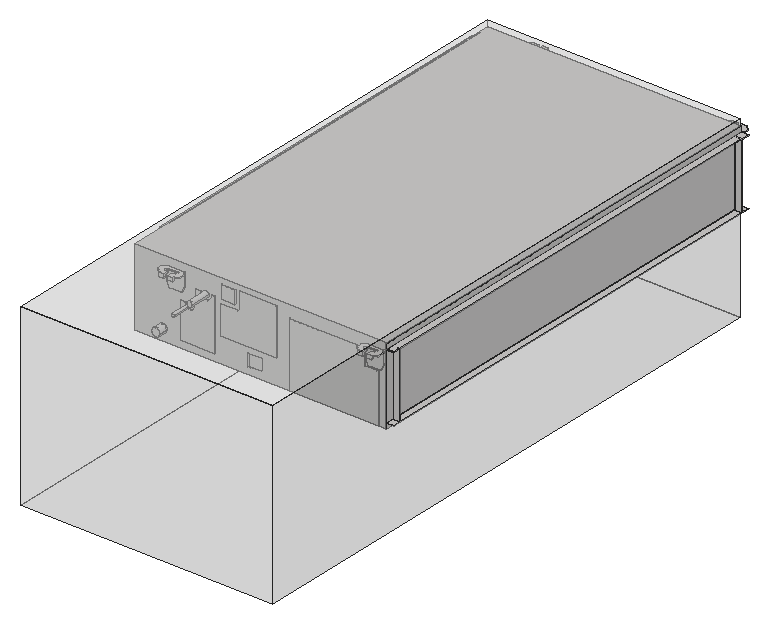
Revit family "outputfile", category 機械設備, Revit 2024
Family settings
  丸型コネクタ寸法 = 半径を使用
  パーツ タイプ = 標準
  OmniClass 番号 = 23.75.10.24.21.27.27
  OmniClass タイトル = Split System Air Conditioning Units
  作業面ベース = いいえ
  常に垂直 = はい
  ロード時にボイドで切り取り = いいえ
  注釈の向きを維持 = いいえ
  共有 = いいえ
  部屋計算ポイント = はい
Parameters (values of type "FBFC100DVMG")
  Description = ""
  製造元 = "Daikin"
  書き出し IFC クラス(タイプ) = "IfcUnitaryEquipmentType"
  定義済み IFC タイプ(タイプ) = "AIRCONDITIONINGUNIT"
  Cost = 0
  モデル = "FBFC100DVMG"
  Type Comments = ""
  Keynote = ""
  Type Image = (empty or 0)
  Assembly Code = ""
  switch_frequency = yes
  r_Liquid Pipe Size = Liquid Pipe Size / 2  # 4.75 mm
  r_Gas Pipe Size = Gas Pipe Size / 2  # 7.95 mm
  r_Drain Pipe Size = Drain Pipe Size / 2  # 12.5 mm
  lw_power = 770.0 mm  # constant formula
  lh_SA = 138.0 mm  # constant formula
  lw_SA = if(Depth = 550.0 mm, 225.0 mm, if(Depth = 700.0 mm, 300.0 mm, if(Depth = 1000.0 mm, 450.0 mm, if(Depth = 1400.0 mm, 650.0 mm, 725.0 mm))))  # 650.0 mm
  lw_RA = if(Depth = 550.0 mm, 275.0 mm, if(Depth = 700.0 mm, 349.0 mm, if(Depth = 1000.0 mm, 499.0 mm, if(Depth = 1400.0 mm, 699.0 mm, 775.0 mm))))  # 699.0 mm
  lh_power = 60.0 mm + [h***]  # 60.0 mm
  lh_mountinghole1 = lh_mountinghole + [h***]  # 222.0 mm
  lh_RA = 123.0 mm  # constant formula
  ld_power = Depth / 2  # 700.0 mm
  connector_voltage = Voltage_50Hz  # 230 V
  connector_powerinput = [Power Input (Cooling)]  # 0.000 kW
  connector_phase = Phase_50Hz  # 1
  Voltage_comment_50Hz = "220 - 240"
  Voltage_50Hz = 230 V
  URL = ""
  Supply Air Direction [instance] = yes
  Sound Power Level_H speed (dB) = 0
  Phase_50Hz = 1
  Minimum External Static Pressure = 50.00 Pa
  Minimum Circuit Amps_50Hz = 0.0 A
  Maximum Fuse Amps_50Hz = 0.0 A
  Maximum External Static Pressure = 150.00 Pa
  Material_Casing = DAIKIN_GalvanizedSteel_Casing_indoorunit
  lw_mountinghole = 630.0 mm  # constant formula
  lh_gaspipe = 183.0 mm + [h***]  # 183.0 mm
  lh_mountinghole = 222.0 mm  # constant formula
  lh_liquidpipe = 136.0 mm + [h***]  # 136.0 mm
  lh_drainpipe = 38.0 mm + [h***]  # 38.0 mm
  lh_antena = Height - lh_mountinghole + 1.0 mm  # 24.0 mm
  ld_drainpipe = Depth / 2 + 26.0 mm  # 726.0 mm
  ld_liquidpipe = Depth / 2 + 69.0 mm  # 769.0 mm
  ld_gaspipe = Depth / 2 + 65.0 mm  # 765.0 mm
  ld_mountinghole = Depth + 38.0 mm  # 1438.0 mm
  h*** = 0.0 mm  # constant formula
  lw_liquidpipe = 179.0 mm  # constant formula
  lw_gaspipe = 229.0 mm  # constant formula
  lw_drainpipe = 91.0 mm  # constant formula
  Width = 800.0 mm
  Version = "ver.1.0"
  Unit Type = "M.S.P. Duct"
  Unit Mass Weight = 46.00 kg
  Unit Designation [instance] = ""
  Uniclass2015Version = "Products v1.30"
  Uniclass2015Title = "Split coil room air conditioning units"
  Uniclass2015Code = "Pr_70_65_03_86"
  Total Cooling Capacity [instance] = 0.000 kW
  Sound Pressure Level_M speed (dBA) = 37.5
  Sound Pressure Level_L speed (dBA) = 35
  Sound Pressure Level_H speed (dBA) = 40
  Series = "SkyAir_Fan Coil Unit"
  Sensible Cooling Capacity [instance] = 0.000 kW
  SA Duct Size Width = 1192.0 mm
  SA Duct Size Height = 176.0 mm
  Refrigerant Type = "R32"
  RA Duct Size Width = 1352.0 mm
  RA Duct Size Height = 208.0 mm
  Power Input (Cooling) = 0.000 kW
  Option Accessory 3 [instance] = ""
  Option Accessory 2 [instance] = ""
  Option Accessory 1 [instance] = ""
  Nominal Cooling Capacity = 10.000 kW
  Minimum Airflow = 1500.00 m³/h
  Median Airflow = 1830.00 m³/h
  Maximum Airflow = 2160.00 m³/h
  Load Classification = HVAC
  Liquid Pipe Size = 9.5 mm
  Link_Nested Family [instance] = ""
  IfcVersion = ""
  IfcExportType = "AIRCONDITIONINGUNIT"
  IfcExportAs = "IfcUnitaryEquipmentType"
  Height = 245.0 mm
  Heat Exchanger Type = "Cross Fin Coil"
  Gas Pipe Size = 15.9 mm
  Frequency_50Hz = 50 Hz
  Fan Type = "Sirocco Fan"
  Fan Drive = "Direct Drive"
  FCU Tag No. [instance] = ""
  Drain Pipe Size = 25.0 mm
  Design Supply Airflow [instance] = 0.00 m³/h
  Design Return Airflow [instance] = 0.00 m³/h
  Design External Static Pressure [instance] = 0.00 Pa
  Depth = 1400.0 mm
  既定の高さ = 0.0 mm
  Cooling Entering Wet Bulb Temperature [instance] = 0.00 °C
  Cooling Entering Dry Bulb Temperature [instance] = 0.00 °C
  Cooling Ambient Wet Bulb Temperature [instance] = 0.00 °C
  Cooling Ambient Dry Bulb Temperature [instance] = 0.00 °C
  Clearance visibility [instance] = yes
  Clearance Top = 20.0 mm
  Clearance Right = 0.0 mm
  Clearance Rear = 0.0 mm
  Clearance Left = 0.0 mm
  Clearance Front = 450.0 mm
  Clearance Bottom = 300.0 mm
Reference planes
  plane 1 "Center (Front/Back)": y = 0
  plane 2 "h": z = 0
  plane 3 "Center (Left/Right)": x = 0
  plane 4 "Back": y = 700
  plane 5 "Front": y = -700
  plane 6 "Left": x = -400
  plane 7 "Right": x = 400
  plane 8 "Top": z = 0
  plane 9 "Bottom": z = -245
  plane 10: y = -215
  plane 11: y = 700
  plane 12: y = -1150
  plane 13: x = -400
  plane 14: x = 400
  plane 15: z = 20
  plane 16: z = -545
  plane 17: x = -400
  plane 18: x = -399
  plane 19: x = 399
  plane 20: y = 50
  plane 21: y = -1
  plane 22: z = -122
  plane 23: y = -701
  plane 24: z = -109
  plane 25: x = -221
  plane 26: y = -765
  plane 27: z = -62
  plane 28: x = -171
  plane 29: y = -726
  plane 30: z = -207
  plane 31: x = -309
  plane 32: x = -309
  plane 33: x = -221
  plane 34: x = -171
  plane 35: x = 370
  plane 36: x = -266
  plane 37: x = 364
  plane 38: y = -719
  plane 39: y = 719
  plane 40: z = -23
  plane 41: z = -107
  plane 42: y = -769
  plane 43: z = -207
  plane 44: x = -309
  plane 45: y = -726
  plane 46: x = -251
  plane 47: x = -203
  plane 48: x = -144
  plane 49: z = -59
  plane 50: z = -106
  plane 51: z = -221
  plane 52: z = -109
  plane 53: x = -221
  plane 54: z = -62
  plane 55: x = -171
  plane 56: z = -17
  plane 57: z = -59
  plane 58: x = -121
  plane 59: x = -79
  plane 60: x = -125
  plane 61: x = -64
  plane 62: x = 53
  plane 63: z = -164
  plane 64: z = -73
  plane 65: z = -16
  plane 66: x = 93.5
  plane 67: x = 374.5
  plane 68: x = 330
  plane 69: z = -88.5
  plane 70: z = -38
  plane 71: z = -242.5
  plane 72: x = -38.5
  plane 73: x = 6.5
  plane 74: z = -181
  plane 75: z = -221
  plane 76: y = -699
  plane 77: x = -424
  plane 78: x = 424
Forms (mm)
  Extrusion 1, solid, material "DAIKIN_GalvanizedSteel_Casing_indoorunit" <- "Material_Casing"
    sketch origin (0, 0, 0) x (1, 0, 0) y (0, 1, 0)
      loop
        line (-399, 700) -> (-399, -700) -> (399, -700) -> (399, 700) -> (-399, 700)
    from -245 to 0
  Extrusion 2, solid, material "DAIKIN_GalvanizedSteel_Casing_indoorunit" <- "Material_Casing"
    sketch origin (0, 0, 0) x (1, 0, 0) y (0, 0, 1)
      loop
        line (-251, -221) -> (-144, -221) -> (-144, -59) -> (-154.47, -59)
        arc (-154.47, -59) -> (-171, -78.8) -> (-187.53, -59) r 16.8
        line (-187.53, -59) -> (-203, -59) -> (-203, -106) -> (-206.916, -106)
        arc (-206.916, -106) -> (-221, -123.4) -> (-235.084, -106) r 14.4
        line (-235.084, -106) -> (-251, -106) -> (-251, -221)
    from 700 to 701
  Extrusion 3, solid, material "DAIKIN_GalvanizedSteel_Casing_indoorunit" <- "Material_Casing"
    sketch origin (0, 0, 0) x (1, 0, 0) y (0, 0, 1)
      loop
        line (-121, -17) -> (-121, -59) -> (-79, -59) -> (-79, -17) -> (-121, -17)
      loop
        line (-125, -73) -> (-125, -164) -> (53, -164) -> (53, -16) -> (-64, -16) -> (-64, -73) -> (-125, -73)
    from 700 to 701
  Extrusion 4, solid, material "DAIKIN_GalvanizedSteel_Casing_indoorunit" <- "Material_Casing"
    sketch origin (0, 0, 0) x (1, 0, 0) y (0, 0, 1)
      loop
        line (93.5, -38) -> (93.5, -242.5) -> (374.5, -242.5) -> (374.5, -88.5) -> (330, -88.5) -> (330, -38) -> (93.5, -38)
    from 700 to 701
  Extrusion 5, solid, material "DAIKIN_GalvanizedSteel_Casing_indoorunit" <- "Material_Casing"
    sketch origin (0, 0, 0) x (1, 0, 0) y (0, 0, 1)
      loop
        circle (-221, -109) r 4.75
    from 700 to 769
  Extrusion 6, solid, material "DAIKIN_GalvanizedSteel_Casing_indoorunit" <- "Material_Casing"
    sketch origin (0, 0, 0) x (1, 0, 0) y (0, 0, 1)
      loop
        circle (-171, -62) r 7.95
    from 700 to 765
  Extrusion 7, solid, material "DAIKIN_GalvanizedSteel_Casing_indoorunit" <- "Material_Casing"
    sketch origin (0, 0, 0) x (1, 0, 0) y (0, 0, 1)
      loop
        circle (-309, -207) r 12.5
    from 701 to 726
  Extrusion 8, solid, material "DAIKIN_GalvanizedSteel_Casing_indoorunit" <- "Material_Casing"
    sketch origin (0, 0, 0) x (1, 0, 0) y (0, 0, 1)
      loop
        circle (-309, -207) r 13
    from 700 to 726
  Extrusion 9, void
    sketch origin (0, 0, 0) x (1, 0, 0) y (0, 0, 1)
      loop
        line (-38.5, -181) -> (-38.5, -221) -> (6.5, -221) -> (6.5, -181) -> (-38.5, -181)
    from 699 to 700
Cuts and joins
  Extrusion 9 cuts Extrusion 1
Dimensions and locks
  "Height": plane 8 "Top" to plane 9 "Bottom"
  equal spacing: plane 4 "Back", plane 1 "Center (Front/Back)", plane 5 "Front"
  "Depth": plane 4 "Back" to plane 5 "Front"
  equal spacing: plane 6 "Left", plane 3 "Center (Left/Right)", plane 7 "Right"
  "Width": plane 6 "Left" to plane 7 "Right"
  "Clearance Left": plane 13 to plane 6 "Left"
  "Clearance Right": plane 7 "Right" to plane 14
  "Clearance Rear": plane 11 to plane 4 "Back"
  "Clearance Front": plane 5 "Front" to plane 12
  "Clearance Top": plane 15 to plane 8 "Top"
  "Clearance Bottom": plane 9 "Bottom" to plane 16
  locked: plane 17 to plane 18 at 1
  locked: plane 19 to plane 14 at 1
  "lw_SA": plane 11 to plane 20
  "lw_RA": plane 21 to plane 5 "Front"
  "lh_RA": plane 22 to plane 9 "Bottom"
  locked: plane 5 "Front" to plane 23 at 1
  "lw_liquidpipe": plane 25 to plane 6 "Left"
  "lh_liquidpipe": plane 24 to plane 9 "Bottom"
  "lh_gaspipe": plane 27 to plane 9 "Bottom"
  "lw_gaspipe": plane 28 to plane 6 "Left"
  "ld_gaspipe": plane 26 to plane 1 "Center (Front/Back)"
  "ld_drainpipe": plane 29 to plane 1 "Center (Front/Back)"
  "lh_drainpipe": plane 30 to plane 9 "Bottom"
  "lw_drainpipe": plane 31 to plane 6 "Left"
  "lw_drainpipe": plane 6 "Left" to plane 32
  "lw_liquidpipe": plane 6 "Left" to plane 33
  "lw_gaspipe": plane 6 "Left" to plane 34
  "lw_power": plane 6 "Left" to plane 35
  locked: plane 17 to plane 36 at 134
  "lw_mountinghole": plane 36 to plane 37
  equal spacing: plane 38, plane 1 "Center (Front/Back)", plane 39
  "ld_mountinghole": plane 39 to plane 38
  "lh_mountinghole": plane 40 to plane 9 "Bottom"
  "lh_SA": plane 41 to plane 9 "Bottom"
  locked: plane 44 to plane 6 "Left" at 91
  locked: plane 43 to plane 9 "Bottom" at 38
  locked: plane 5 "Front" to plane 45 at 26
  plane 48 to plane 47 to plane 46 to plane 6 "Left" = 59.0 mm, 48.0 mm, 149.0 mm
  plane 8 "Top" to plane 49 to plane 50 to plane 51 = 59.0 mm locked, 47.0 mm locked, 115.0 mm locked
  plane 55 to plane 53 to plane 6 "Left" = 50.0 mm locked, 179.0 mm locked
  plane 54 to plane 52 to plane 9 "Bottom" = 47.0 mm locked, 136.0 mm locked
  plane 59 to plane 58 to plane 6 "Left" = 42.0 mm locked, 279.0 mm locked
  plane 8 "Top" to plane 56 to plane 57 = 17.0 mm locked, 42.0 mm locked
  plane 62 to plane 61 to plane 60 to plane 6 "Left" = 117.0 mm, 61.0 mm, 275.0 mm
  plane 8 "Top" to plane 65 to plane 64 = 16.0 mm locked, 57.0 mm locked
  locked: plane 65 to plane 63 at 148
  plane 8 "Top" to plane 70 to plane 69 to plane 71 = 38.0 mm locked, 50.5 mm locked, 154.0 mm locked
  plane 67 to plane 68 to plane 66 to plane 6 "Left" = 44.5 mm locked, 236.5 mm locked, 493.5 mm locked
  plane 8 "Top" to plane 74 to plane 75 = 181.0 mm locked, 40.0 mm locked
  plane 73 to plane 72 to plane 6 "Left" = 45.0 mm, 361.5 mm
  locked: plane 76 to plane 5 "Front" at 1
  locked: plane 77 to plane 17 at 24
  locked: plane 14 to plane 78 at 24
  "ld_liquidpipe": plane 42 to plane 1 "Center (Front/Back)"
  "r_Liquid Pipe Size": radius of Extrusion 5 sketch curve
  "r_Gas Pipe Size": radius of Extrusion 6 sketch curve
  "r_Drain Pipe Size": radius of Extrusion 7 sketch curve
  aligned and locked: level to plane 2 "h"
  aligned and locked: plane 8 "Top" to Extrusion 1
  aligned and locked: Extrusion 1 to plane 9 "Bottom"
  aligned and locked: nested 5 to plane 12
  aligned and locked: plane 13 to nested 5
  aligned and locked: plane 14 to nested 5
  aligned and locked: nested 5 to plane 13
  aligned and locked: plane 11 to nested 5
  aligned and locked: plane 15 to nested 5
  aligned and locked: plane 16 to nested 5
  aligned and locked: plane 5 "Front" to Extrusion 1 sketch curve
  aligned and locked: Extrusion 1 to plane 18
  aligned and locked: plane 19 to Extrusion 1
  aligned and locked: nested 7 to plane 18
  aligned and locked: nested 7 to plane 20
  aligned and locked: plane 19 to nested 8
  aligned and locked: plane 21 to nested 8
  aligned and locked: plane 22 to nested 8
  aligned and locked: Extrusion 2 to plane 23
  aligned and locked: plane 5 "Front" to Extrusion 2
  aligned and locked: Extrusion 3 to plane 23
  aligned and locked: plane 5 "Front" to Extrusion 3
  aligned and locked: plane 5 "Front" to Extrusion 4
  aligned and locked: Extrusion 5 sketch curve to plane 25
  aligned and locked: plane 24 to Extrusion 5 sketch curve
  aligned and locked: plane 5 "Front" to Extrusion 5
  aligned and locked: Extrusion 6 sketch curve to plane 28
  aligned and locked: plane 27 to Extrusion 6 sketch curve
  aligned and locked: plane 5 "Front" to Extrusion 6
  aligned and locked: Extrusion 7 sketch curve to plane 31
  aligned and locked: plane 30 to Extrusion 7 sketch curve
  aligned and locked: Extrusion 7 to plane 29
  aligned and locked: plane 23 to Extrusion 7
  aligned and locked: nested 3 to plane 29
  aligned and locked: nested 3 to plane 32
  aligned and locked: nested 2 to plane 33
  aligned and locked: nested 1 to plane 34
  aligned and locked: Extrusion 6 to plane 26
  aligned and locked: nested 1 to plane 26
  aligned and locked: nested 6 to plane 5 "Front"
  aligned and locked: nested 6 to plane 35
  aligned and locked: plane 36 to nested 10
  aligned and locked: nested 10 to plane 5 "Front"
  aligned and locked: plane 37 to nested 9
  aligned and locked: nested 9 to plane 5 "Front"
  aligned and locked: nested 11 to plane 36
  aligned and locked: plane 4 "Back" to nested 11
  aligned and locked: nested 12 to plane 37
  aligned and locked: plane 4 "Back" to nested 12
  aligned and locked: plane 40 to nested 10
  aligned and locked: plane 40 to nested 11
  aligned and locked: plane 40 to nested 9
  aligned and locked: plane 40 to nested 12
  aligned and locked: plane 36 to nested 14
  aligned and locked: nested 14 to plane 39
  aligned and locked: plane 37 to nested 13
  aligned and locked: nested 13 to plane 39
  aligned and locked: plane 37 to nested 16
  aligned and locked: plane 38 to nested 16
  aligned and locked: plane 38 to nested 15
  aligned and locked: plane 36 to nested 15
  aligned and locked: plane 17 to plane 6 "Left"
  aligned and locked: plane 41 to nested 7
  aligned and locked: Extrusion 5 to plane 42
  aligned and locked: nested 2 to plane 42
  aligned and locked: Extrusion 8 sketch curve to plane 44
  aligned and locked: plane 43 to Extrusion 8 sketch curve
  aligned and locked: plane 5 "Front" to Extrusion 8
  aligned and locked: plane 45 to Extrusion 8
  aligned and locked: Extrusion 3 sketch curve to plane 56
  aligned and locked: Extrusion 3 sketch curve to plane 58
  aligned and locked: plane 57 to Extrusion 3 sketch curve
  aligned and locked: plane 59 to Extrusion 3 sketch curve
  aligned and locked: Extrusion 4 to plane 23
  aligned and locked: Extrusion 9 sketch curve to plane 74
  aligned and locked: plane 75 to Extrusion 9 sketch curve
  aligned and locked: plane 73 to Extrusion 9 sketch curve
  aligned and locked: plane 5 "Front" to Extrusion 9
  aligned and locked: plane 76 to Extrusion 9
  aligned and locked: nested 17 to plane 20
  aligned and locked: nested 17 to plane 77
  aligned and locked: plane 21 to nested 18
  aligned and locked: plane 78 to nested 18
  aligned and locked: plane 41 to nested 17
  aligned and locked: nested 18 to plane 22
  aligned and locked: nested 4 to plane 3 "Center (Left/Right)"
  aligned and locked: plane 1 "Center (Front/Back)" to nested 4
  aligned and locked: level to plane 8 "Top"
Automatic sketch dimensions
  plane 6 "Left" to Extrusion 1 sketch curve = 1.0 mm
  Extrusion 1 sketch curve to plane 7 "Right" = 1.0 mm
  Extrusion 1 sketch curve to plane 4 "Back" = 0.0 mm
  Extrusion 2 sketch curve to plane 46 = 0.0 mm
  Extrusion 2 sketch curve to plane 33 = 0.0 mm
  Extrusion 2 sketch curve to plane 47 = 0.0 mm
  Extrusion 2 sketch curve to plane 34 = 0.0 mm
  Extrusion 2 sketch curve to plane 48 = 0.0 mm
  Extrusion 2 sketch curve to plane 51 = 0.0 mm
  Extrusion 2 sketch curve to plane 52 = 0.0 mm
  Extrusion 2 sketch curve to plane 50 = 0.0 mm  (x3)
  Extrusion 2 sketch curve to plane 54 = 0.0 mm
  Extrusion 2 sketch curve to plane 49 = 0.0 mm  (x3)
  plane 33 to Extrusion 2 sketch curve = 14.084 mm
  plane 34 to Extrusion 2 sketch curve = 16.53 mm
  Extrusion 3 sketch curve to plane 60 = 0.0 mm
  Extrusion 3 sketch curve to plane 61 = 0.0 mm
  Extrusion 3 sketch curve to plane 62 = 0.0 mm
  Extrusion 3 sketch curve to plane 63 = 0.0 mm
  Extrusion 3 sketch curve to plane 64 = 0.0 mm
  Extrusion 3 sketch curve to plane 65 = 0.0 mm
  Extrusion 4 sketch curve to plane 66 = 0.0 mm
  Extrusion 4 sketch curve to plane 68 = 0.0 mm
  Extrusion 4 sketch curve to plane 67 = 0.0 mm
  Extrusion 4 sketch curve to plane 71 = 0.0 mm
  Extrusion 4 sketch curve to plane 69 = 0.0 mm
  Extrusion 4 sketch curve to plane 70 = 0.0 mm
  Extrusion 9 sketch curve to plane 72 = 0.0 mm
  radius of Extrusion 8 sketch curve = 13.0 mm
Nested families
  nested 1: "daikin_connector_rotate2" at (-171, 0, -62), length <- "ld_gaspipe", built-in parameter 1001364 <- "lh_gaspipe", radius <- "r_Gas Pipe Size", type "daikin_connector_rotate2"
    with radius 7.95 mm, length 765.0 mm, angle_vertical 90.00°
  nested 2: "daikin_connector_rotate2" at (-221, 0, -109), length <- "ld_liquidpipe", built-in parameter 1001364 <- "lh_liquidpipe", radius <- "r_Liquid Pipe Size", type "daikin_connector_rotate2"
    with radius 4.75 mm, length 769.0 mm, angle_vertical 90.00°
  nested 3: "daikin_connector_rotate2" at (-309, 0, -207), length <- "ld_drainpipe", built-in parameter 1001364 <- "lh_drainpipe", radius <- "r_Drain Pipe Size", type "daikin_connector_rotate2"
    with radius 12.5 mm, length 726.0 mm, angle_vertical 90.00°
  nested 4: "daikin_△_symbolicline" at (0, 0, 245) x (0, -1, 0) z (0, 0, 1), built-in parameter 1001364 <- "Height", visible <- "Supply Air Direction", type "daikin_△_symbolicline"
    with length 200.0 mm
  nested 5: "daikin_clearancespace" at (0, -225, -262.381), visible <- "Clearance visibility", show <- "Clearance visibility", Link_Nested Family <- "Link_Nested Family", type "daikin_clearancespace"
    with width 800.0 mm, show yes, height 565.0 mm, depth 1850.0 mm, Link_Nested Family ""
  nested 6: "daikin_connector_rotate2" at (370, 0, -185), built-in parameter 1001364 <- "lh_power", length <- "ld_power", type "daikin_connector_rotate2"
    with radius 10.0 mm, length 700.0 mm, angle_vertical 90.00°
  nested 7: "daikin_ductflange_FBFC-DVMG2" at (-399, 50, -107) x (0, -1, 0) z (0, 0, 1), type "daikin_ductflange_FBFC-DVMG2"
  nested 8: "daikin_ductflange_FBFC-DVMG" at (399, -1, -122) x (0, 1, 0) z (0, 0, 1), type "daikin_ductflange_FBFC-DVMG"
    with width 1352.0 mm, lw 25.0 mm, w 1400.0 mm
  nested 9: "daikin_hangerfixture_FBFC-DVMG" at (364, -700, -23), type "daikin_hangerfixture_FBFC-DVMG"
  nested 10: "daikin_hangerfixture_FBFC-DVMG" at (-266, -700, -23), type "daikin_hangerfixture_FBFC-DVMG"
  nested 11: "daikin_hangerfixture_FBFC-DVMG" at (-266, 700, -23) x (-1, 0, 0) z (0, 0, 1), type "daikin_hangerfixture_FBFC-DVMG"
  nested 12: "daikin_hangerfixture_FBFC-DVMG" at (364, 700, -23) x (-1, 0, 0) z (0, 0, 1), type "daikin_hangerfixture_FBFC-DVMG"
  nested 13: "daikin_mountinghole" at (364, 719, -245), h_mountinghole <- "lh_mountinghole1", l_antenna <- "lh_antena", Link_Nested Family <- "Link_Nested Family", type "daikin_mountinghole"
    with show yes, l_antenna 24.0 mm, h_mountinghole 222.0 mm, Link_Nested Family ""
  nested 14: "daikin_mountinghole" at (-266, 719, -245), h_mountinghole <- "lh_mountinghole1", l_antenna <- "lh_antena", Link_Nested Family <- "Link_Nested Family", type "daikin_mountinghole"
    with show yes, l_antenna 24.0 mm, h_mountinghole 222.0 mm, Link_Nested Family ""
  nested 15: "daikin_mountinghole" at (-266, -719, -245), h_mountinghole <- "lh_mountinghole1", l_antenna <- "lh_antena", Link_Nested Family <- "Link_Nested Family", type "daikin_mountinghole"
    with show yes, l_antenna 24.0 mm, h_mountinghole 222.0 mm, Link_Nested Family ""
  nested 16: "daikin_mountinghole" at (364, -719, -245), h_mountinghole <- "lh_mountinghole1", l_antenna <- "lh_antena", Link_Nested Family <- "Link_Nested Family", type "daikin_mountinghole"
    with show yes, l_antenna 24.0 mm, h_mountinghole 222.0 mm, Link_Nested Family ""
  nested 17: "daikin_connector_rotate2" at (-400, 50, -107) x (0, -1, 0) z (0, 0, 1), type "daikin_connector_rotate2"
    with radius 10.0 mm, length 24.0 mm, angle_vertical 90.00°
  nested 18: "daikin_connector_rotate2" at (400, -1, -122) x (0, 1, 0) z (0, 0, 1), type "daikin_connector_rotate2"
    with radius 10.0 mm, length 24.0 mm, angle_vertical 90.00°
Connectors
  piping at (-309, -726, -207), diameter 25, driven by "r_Drain Pipe Size"
    settings: on nested 3, index 3, connector inside diameter 609.6 mm, connector length 0.0 mm, flow factor 0, pipe flow 0.00 m³/h, pressure drop 0.0 Pa, fitting loss kfactor 0, connector angle 0.00°, fixture units 0, engagement length 0.0 mm, angle of deflection 0.00°, flow configuration 1, flow direction 2, fitting loss method 4, system type 16, joint type 0, gender type 0, connector reference index -1, connector utility 0, adjustable connector no, is connector primary yes, connector description "Condensate Drain Piping"
  piping at (-171, -765, -62), diameter 15.9, driven by "r_Gas Pipe Size"
    settings: on nested 1, index 4, connector inside diameter 609.6 mm, connector length 0.0 mm, flow factor 0, pipe flow 0.00 m³/h, pressure drop 0.0 Pa, fitting loss kfactor 0, connector angle 0.00°, fixture units 0, engagement length 0.0 mm, angle of deflection 0.00°, flow configuration 1, flow direction 2, fitting loss method 0, system type 29, joint type 0, gender type 0, connector reference index -1, connector utility 0, adjustable connector no, is connector primary no, connector description "Refrigerant Gas Piping"
  piping at (-221, -769, -109), diameter 9.5, driven by "r_Liquid Pipe Size"
    settings: on nested 2, index 5, connector inside diameter 609.6 mm, connector length 0.0 mm, flow factor 0, pipe flow 0.00 m³/h, pressure drop 0.0 Pa, fitting loss kfactor 0, connector angle 0.00°, fixture units 0, engagement length 0.0 mm, angle of deflection 0.00°, flow configuration 1, flow direction 1, fitting loss method 0, system type 29, joint type 0, gender type 0, connector reference index -1, connector utility 0, adjustable connector no, is connector primary no, connector description "Refrigerant Liquid Piping"
  electrical at (370, -700, -185), driven by "Load Classification", driven by "connector_powerinput", driven by "connector_voltage", driven by "connector_phase"
    settings: on nested 6, index 6, voltage 230 V, apparent load 0 VA, apparent load phase1 0 VA, apparent load phase2 0 VA, apparent load phase3 0 VA, power factor 1, load classification "HVAC", number of poles 1, system type 30, power factor state 1, is connector primary yes, connector utility no, sub classification motor no, connector description "Power Supply"
  hvac at (-424, 50, -107), driven by "SA Duct Size Height", driven by "SA Duct Size Width"
    settings: on nested 17, index 7, duct flow 0.00 m³/h, flow factor 0, pres drop 0.00 Pa, loss coef 0, conn angle 0.00°, conn width 1192.0 mm, conn height 176.0 mm, conn diameter 609.6 mm, duct sys type 1, conn prof type 1, flow config 0, flow direction 2, loss method 4, conn ref index -1, conn util no, is conn primary yes, conn desc "SA Duct"
  hvac at (424, -1, -122), driven by "RA Duct Size Height", driven by "RA Duct Size Width"
    settings: on nested 18, index 8, duct flow 0.00 m³/h, flow factor 0, pres drop 0.00 Pa, loss coef 0, conn angle 0.00°, conn width 1352.0 mm, conn height 208.0 mm, conn diameter 609.6 mm, duct sys type 2, conn prof type 1, flow config 0, flow direction 1, loss method 4, conn ref index -1, conn util no, is conn primary no, conn desc "RA Duct"
Definition of nested family "daikin_clearancespace"
  Parameters (values of type "daikin_clearancespace")
    Description = "daikin_clearancespace"
    width [instance] = 1823.963 mm
    show [instance] = yes
    material = none
    height [instance] = 1359.762 mm
    depth [instance] = 880.0 mm
    Default Elevation = 0.0 mm
    Link_Nested Family [instance] = ""
  Reference planes
    plane 1 "Center (Front/Back)": y = 0
    plane 2 "Center (Elevation)": z = -0.119
    plane 3 "Center (Left/Right)": x = 0
    plane 4: y = 440
    plane 5: y = -440
    plane 6 "Right": x = 911.982
    plane 7 "Left": x = -911.982
    plane 8 "Top": z = 679.762
    plane 9 "Bottom": z = -680
  Forms (mm)
    Extrusion 1, solid, material <- "material", visible <- "show"
      sketch origin (0, 0, 0) x (1, 0, 0) y (0, 1, 0)
        loop
          line (-911.982, 440) -> (-911.982, -440) -> (911.982, -440) -> (911.982, 440) -> (-911.982, 440)
      from -680 to 679.762
  Lines and regions (mm)
    symbolic lines, visible <- "show"
      curve 1: line (911.982, 440, 0) -> (-911.982, 440, 0)
      curve 2: line (-911.982, 440, 0) -> (-911.982, -440, 0)
      curve 3: line (-911.982, -440, 0) -> (911.982, -440, 0)
      curve 4: line (911.982, -440, 0) -> (911.982, 440, 0)
      curve 5: line (911.982, 0, 679.762) -> (-911.982, 0, 679.762)
      curve 6: line (911.982, 0, -680) -> (911.982, 0, 679.762)
      curve 7: line (-911.982, 0, -680) -> (911.982, 0, -680)
      curve 8: line (-911.982, 0, 679.762) -> (-911.982, 0, -680)
      curve 9: line (0, 440, 679.762) -> (0, -440, 679.762)
      curve 10: line (0, -440, 679.762) -> (0, -440, -680)
      curve 11: line (0, 440, -680) -> (0, 440, 679.762)
      curve 12: line (0, -440, -680) -> (0, 440, -680)
  Dimensions and locks
    "width": plane 7 "Left" to plane 6 "Right"
    "depth": plane 4 to plane 5
    "height": plane 8 "Top" to plane 9 "Bottom"
    equal spacing: plane 7 "Left", plane 3 "Center (Left/Right)", plane 6 "Right"
    equal spacing: plane 4, plane 1 "Center (Front/Back)", plane 5
    equal spacing: plane 8 "Top", plane 2 "Center (Elevation)", plane 9 "Bottom"
    aligned and locked: level to plane 2 "Center (Elevation)"
    aligned and locked: Extrusion 1 sketch curve to plane 4
    aligned and locked: plane 7 "Left" to Extrusion 1 sketch curve
    aligned and locked: Extrusion 1 sketch curve to plane 5
    aligned and locked: Extrusion 1 sketch curve to plane 6 "Right"
    aligned and locked: plane 8 "Top" to Extrusion 1
    aligned and locked: curve 1 to Extrusion 1
    aligned and locked: curve 2 to Extrusion 1
    aligned and locked: curve 3 to Extrusion 1
    aligned and locked: curve 4 to Extrusion 1
    aligned and locked: curve 5 to Extrusion 1
    aligned and locked: curve 6 to Extrusion 1
    aligned and locked: curve 7 to Extrusion 1
    aligned and locked: curve 8 to Extrusion 1
    aligned and locked: curve 9 to Extrusion 1
    aligned and locked: curve 10 to Extrusion 1
    aligned and locked: curve 11 to Extrusion 1
    aligned and locked: curve 12 to Extrusion 1
    aligned and locked: Extrusion 1 to plane 9 "Bottom"
Definition of nested family "daikin_ductflange_FBFC-DVMG2"
  Parameters (values of type "daikin_ductflange_FBFC-DVMG2")
    width = if(w = 550.0 mm, 337.0 mm, if(w = 700.0 mm, 492.0 mm, if(w = 1000.0 mm, 792.0 mm, if(w = 1400.0 mm, 1192.0 mm, 1337.0 mm))))  # 1192.0 mm
    material = none
    height = 215.0 mm
    depth = 1.0 mm
    w = 1400.0 mm
    Default Elevation = 0.0 mm
  Reference planes
    plane 1 "Center (Front/Back)": y = 0
    plane 2: z = 0
    plane 3 "Center (Left/Right)": x = 0
    plane 4: z = 88
    plane 5: z = -88
    plane 6: y = -25
    plane 7: z = 106
    plane 8: z = 89
    plane 9: y = -1
    plane 10: x = -617.5
    plane 11: x = 617.5
    plane 12: z = -106
    plane 13: z = -89
    plane 14: y = -1
    plane 15: x = 596
    plane 16: x = -596
    plane 17: x = 597
    plane 18: z = 87
    plane 19: z = -87
    plane 20: x = -597
    plane 21: z = 87
    plane 22: z = -87
    plane 23: y = -1
  Forms (mm)
    Extrusion 1, solid, material <- "material"
      sketch origin (0, 0, 0) x (0, 1, 0) y (0, 0, 1)
        loop
          line (-25, 88) -> (0, 88) -> (0, 106) -> (-1, 106) -> (-1, 89) -> (-25, 89) -> (-25, 88)
      from -617.5 to 617.5
    Extrusion 2, solid, material <- "material"
      sketch origin (0, 0, 0) x (0, 1, 0) y (0, 0, 1)
        loop
          line (-25, -88) -> (-25, -89) -> (-1, -89) -> (-1, -106) -> (0, -106) -> (0, -88) -> (-25, -88)
      from -617.5 to 617.5
    Extrusion 3, solid, material <- "material"
      sketch origin (0, 0, 0) x (1, 0, 0) y (0, 0, 1)
        loop
          line (596, 88) -> (596, -88) -> (617.5, -88) -> (617.5, -87) -> (597, -87) -> (597, 87) -> (617.5, 87) -> (617.5, 88) -> (596, 88)
      from 0 to 25
    Extrusion 4, solid, material <- "material"
      sketch origin (0, 0, 0) x (1, 0, 0) y (0, 0, 1)
        loop
          line (-617.5, 88) -> (-617.5, 87) -> (-597, 87) -> (-597, -87) -> (-617.5, -87) -> (-617.5, -88) -> (-596, -88) -> (-596, 88) -> (-617.5, 88)
      from 0 to 25
    Extrusion 5, solid, material <- "material"
      sketch origin (0, 0, 0) x (1, 0, 0) y (0, 0, 1)
        loop
          line (-617.5, 88) -> (-617.5, -88) -> (-596, -88) -> (-596, 88) -> (-617.5, 88)
        loop
          line (617.5, 88) -> (596, 88) -> (596, -88) -> (617.5, -88) -> (617.5, 88)
      from 0 to 1
  Cuts and joins
    joined: Extrusion 1, Extrusion 2, Extrusion 3, Extrusion 4, Extrusion 5
  Dimensions and locks
    plane 4 to level to plane 5 = 88.0 mm, 88.0 mm
    locked: plane 6 to plane 1 "Center (Front/Back)" at 25
    locked: plane 9 to plane 1 "Center (Front/Back)" at 1
    locked: plane 8 to plane 4 at 1
    locked: plane 16 to plane 10 at 21.5
    locked: plane 17 to plane 15 at 1
    locked: plane 4 to plane 18 at 1
    locked: plane 19 to plane 5 at 1
    "width": plane 15 to plane 16
    plane 4 to plane 5 = 176.0 mm
    locked: plane 16 to plane 20 at 1
    locked: plane 4 to plane 21 at 1
    locked: plane 22 to plane 5 at 1
    locked: plane 23 to plane 1 "Center (Front/Back)" at 1
    plane 4 to level to plane 5 = 88.0 mm locked, 88.0 mm locked
    locked: plane 5 to plane 13 at 1
    locked: plane 5 to plane 12 at 18
    locked: plane 7 to plane 4 at 18
    equal spacing: plane 15, plane 3 "Center (Left/Right)", plane 16
    locked: plane 11 to plane 15 at 21.5
    plane 11 to plane 10 = 1235.0 mm
    aligned and locked: level to plane 2
    aligned and locked: Extrusion 1 to plane 10
    aligned and locked: plane 11 to Extrusion 1
    aligned and locked: plane 5 to Extrusion 2
    aligned and locked: Extrusion 2 to plane 1 "Center (Front/Back)"
    aligned and locked: plane 15 to Extrusion 3 sketch curve
    aligned and locked: Extrusion 3 sketch curve to Extrusion 2  (x2)
    aligned and locked: Extrusion 3 sketch curve to plane 11
    aligned and locked: plane 6 to Extrusion 3
    aligned and locked: Extrusion 2 to plane 10
    aligned and locked: plane 11 to Extrusion 2
    aligned and locked: Extrusion 4 sketch curve to Extrusion 1  (x2)
    aligned and locked: plane 5 to Extrusion 4 sketch curve
    aligned and locked: Extrusion 4 sketch curve to plane 16
    aligned and locked: Extrusion 4 sketch curve to plane 22
    aligned and locked: plane 20 to Extrusion 4 sketch curve
    aligned and locked: plane 21 to Extrusion 4 sketch curve
    aligned and locked: Extrusion 4 to plane 1 "Center (Front/Back)"
    aligned and locked: plane 6 to Extrusion 4
    aligned and locked: Extrusion 5 sketch curve to Extrusion 1  (x4)
    aligned and locked: Extrusion 5 sketch curve to Extrusion 4  (x2)
    aligned and locked: Extrusion 5 sketch curve to Extrusion 3  (x2)
    aligned and locked: Extrusion 5 to plane 1 "Center (Front/Back)"
    aligned and locked: plane 23 to Extrusion 5
  Automatic sketch dimensions
    Extrusion 1 sketch curve to plane 6 = 0.0 mm
    Extrusion 1 sketch curve to plane 7 = 0.0 mm
    Extrusion 1 sketch curve to plane 9 = 0.0 mm
    Extrusion 1 sketch curve to plane 1 "Center (Front/Back)" = 0.0 mm
    Extrusion 1 sketch curve to plane 4 = 0.0 mm
    Extrusion 1 sketch curve to plane 8 = 0.0 mm
    Extrusion 2 sketch curve to plane 6 = 0.0 mm
    plane 12 to Extrusion 2 sketch curve = 0.0 mm
    Extrusion 2 sketch curve to plane 14 = 0.0 mm
    Extrusion 2 sketch curve to plane 1 "Center (Front/Back)" = 0.0 mm
    plane 13 to Extrusion 2 sketch curve = 0.0 mm
    Extrusion 2 sketch curve to plane 5 = 0.0 mm
    Extrusion 3 sketch curve to plane 17 = 0.0 mm
    Extrusion 3 sketch curve to plane 19 = 0.0 mm
    Extrusion 3 sketch curve to plane 18 = 0.0 mm
    Extrusion 3 sketch curve to plane 4 = 0.0 mm
    Extrusion 4 sketch curve to plane 10 = 0.0 mm
Definition of nested family "daikin_ductflange_FBFC-DVMG"
  Parameters (values of type "daikin_ductflange_FBFC-DVMG")
    width = if(w = 550.0 mm, 502.0 mm, if(w = 700.0 mm, 654.0 mm, if(w = 1000.0 mm, 952.0 mm, if(w = 1400.0 mm, 1352.0 mm, 1502.0 mm))))  # 654.0 mm
    material = none
    lw = if(width = 654.0 mm, 23.0 mm, 25.0 mm)  # 23.0 mm
    height = 208.0 mm
    depth = 1.0 mm
    w = 700.0 mm
    Default Elevation = 0.0 mm
  Reference planes
    plane 1 "Center (Front/Back)": y = 0
    plane 2: z = 0
    plane 3 "Center (Left/Right)": x = 0
    plane 4: z = 104
    plane 5: z = -104
    plane 6: y = -25
    plane 7: z = 121
    plane 8: z = 105
    plane 9: y = -1
    plane 10: x = -350
    plane 11: x = 350
    plane 12: z = -122
    plane 13: z = -105
    plane 14: y = -1
    plane 15: x = 327
    plane 16: x = -327
    plane 17: x = 328
    plane 18: z = 103
    plane 19: z = -103
    plane 20: x = -328
    plane 21: z = 103
    plane 22: z = -103
    plane 23: y = -1
  Forms (mm)
    Extrusion 1, solid, material <- "material"
      sketch origin (0, 0, 0) x (0, 1, 0) y (0, 0, 1)
        loop
          line (-25, 104) -> (0, 104) -> (0, 121) -> (-1, 121) -> (-1, 105) -> (-25, 105) -> (-25, 104)
      from -350 to 350
    Extrusion 2, solid, material <- "material"
      sketch origin (0, 0, 0) x (0, 1, 0) y (0, 0, 1)
        loop
          line (-25, -104) -> (-25, -105) -> (-1, -105) -> (-1, -122) -> (0, -122) -> (0, -104) -> (-25, -104)
      from -350 to 350
    Extrusion 3, solid, material <- "material"
      sketch origin (0, 0, 0) x (1, 0, 0) y (0, 0, 1)
        loop
          line (327, 104) -> (327, -104) -> (350, -104) -> (350, -103) -> (328, -103) -> (328, 103) -> (350, 103) -> (350, 104) -> (327, 104)
      from 0 to 25
    Extrusion 4, solid, material <- "material"
      sketch origin (0, 0, 0) x (1, 0, 0) y (0, 0, 1)
        loop
          line (-350, 104) -> (-350, 103) -> (-328, 103) -> (-328, -103) -> (-350, -103) -> (-350, -104) -> (-327, -104) -> (-327, 104) -> (-350, 104)
      from 0 to 25
    Extrusion 5, solid, material <- "material"
      sketch origin (0, 0, 0) x (1, 0, 0) y (0, 0, 1)
        loop
          line (-350, 104) -> (-350, -104) -> (-327, -104) -> (-327, 104) -> (-350, 104)
        loop
          line (350, 104) -> (327, 104) -> (327, -104) -> (350, -104) -> (350, 104)
      from 0 to 1
  Cuts and joins
    joined: Extrusion 1, Extrusion 2, Extrusion 3, Extrusion 4, Extrusion 5
  Dimensions and locks
    plane 4 to level to plane 5 = 104.0 mm, 104.0 mm
    locked: plane 6 to plane 1 "Center (Front/Back)" at 25
    locked: plane 9 to plane 1 "Center (Front/Back)" at 1
    locked: plane 8 to plane 4 at 1
    "lw": plane 11 to plane 15
    "lw": plane 16 to plane 10
    locked: plane 17 to plane 15 at 1
    locked: plane 4 to plane 18 at 1
    locked: plane 19 to plane 5 at 1
    "width": plane 15 to plane 16
    equal spacing: plane 15, plane 3 "Center (Left/Right)", plane 16
    locked: plane 16 to plane 20 at 1
    locked: plane 4 to plane 21 at 1
    locked: plane 22 to plane 5 at 1
    locked: plane 23 to plane 1 "Center (Front/Back)" at 1
    locked: plane 7 to plane 4 at 17
    locked: plane 1 "Center (Front/Back)" to plane 14 at 1
    locked: plane 5 to plane 13 at 1
    "height": plane 4 to plane 5
    plane 11 to plane 10 = 700.0 mm
    locked: plane 12 to plane 13 at 17
    equal spacing: plane 4, level, plane 5
    aligned and locked: level to plane 2
    aligned and locked: Extrusion 1 to plane 10
    aligned and locked: plane 11 to Extrusion 1
    aligned and locked: plane 5 to Extrusion 2
    aligned and locked: Extrusion 2 to plane 1 "Center (Front/Back)"
    aligned and locked: plane 15 to Extrusion 3 sketch curve
    aligned and locked: Extrusion 3 sketch curve to Extrusion 2  (x2)
    aligned and locked: Extrusion 3 sketch curve to plane 11
    aligned and locked: plane 6 to Extrusion 3
    aligned and locked: Extrusion 2 to plane 10
    aligned and locked: plane 11 to Extrusion 2
    aligned and locked: Extrusion 4 sketch curve to Extrusion 1  (x2)
    aligned and locked: plane 5 to Extrusion 4 sketch curve
    aligned and locked: Extrusion 4 sketch curve to plane 16
    aligned and locked: Extrusion 4 sketch curve to plane 22
    aligned and locked: plane 20 to Extrusion 4 sketch curve
    aligned and locked: plane 21 to Extrusion 4 sketch curve
    aligned and locked: Extrusion 4 to plane 1 "Center (Front/Back)"
    aligned and locked: plane 6 to Extrusion 4
    aligned and locked: Extrusion 5 sketch curve to Extrusion 1  (x4)
    aligned and locked: Extrusion 5 sketch curve to Extrusion 4  (x2)
    aligned and locked: Extrusion 5 sketch curve to Extrusion 3  (x2)
    aligned and locked: Extrusion 5 to plane 1 "Center (Front/Back)"
    aligned and locked: plane 23 to Extrusion 5
  Automatic sketch dimensions
    Extrusion 1 sketch curve to plane 6 = 0.0 mm
    Extrusion 1 sketch curve to plane 7 = 0.0 mm
    Extrusion 1 sketch curve to plane 9 = 0.0 mm
    Extrusion 1 sketch curve to plane 1 "Center (Front/Back)" = 0.0 mm
    Extrusion 1 sketch curve to plane 4 = 0.0 mm
    Extrusion 1 sketch curve to plane 8 = 0.0 mm
    Extrusion 2 sketch curve to plane 6 = 0.0 mm
    plane 12 to Extrusion 2 sketch curve = 0.0 mm
    Extrusion 2 sketch curve to plane 14 = 0.0 mm
    Extrusion 2 sketch curve to plane 1 "Center (Front/Back)" = 0.0 mm
    plane 13 to Extrusion 2 sketch curve = 0.0 mm
    Extrusion 2 sketch curve to plane 5 = 0.0 mm
    Extrusion 3 sketch curve to plane 17 = 0.0 mm
    Extrusion 3 sketch curve to plane 19 = 0.0 mm
    Extrusion 3 sketch curve to plane 18 = 0.0 mm
    Extrusion 3 sketch curve to plane 4 = 0.0 mm
    Extrusion 4 sketch curve to plane 10 = 0.0 mm
Definition of nested family "daikin_hangerfixture_FBFC-DVMG"
  Parameters (values of type "daikin_hangerfixture_FXMQ-PAVE")
    width = 72.0 mm
    material = none
    height = 60.0 mm
    depth = 41.0 mm
    Default Elevation = 0.0 mm
  Reference planes
    plane 1 "Center (Front/Back)": y = 0
    plane 2: z = 0
    plane 3 "Center (Left/Right)": x = 0
    plane 4: y = 417.146
    plane 5: y = -41
    plane 6: x = -36
    plane 7: x = 36
    plane 8: z = -2.3
    plane 9: z = -60
    plane 10: y = -2.3
    plane 11: z = -12
    plane 12: y = -38.7
  Forms (mm)
    Extrusion 1, solid, material <- "material"
      sketch origin (0, 0, 0) x (1, 0, 0) y (0, 1, 0)
        loop
          line (-28, 0) -> (-28, -5)
          arc (-28, -5) -> (-29.127, -8.162) -> (-32, -9.899) r 5
          arc (-32, -9.899) -> (-34.873, -11.636) -> (-36, -14.798) r 5
          line (-36, -14.798) -> (-36, -27.178)
          arc (-36, -27.178) -> (-35.429, -29.499) -> (-33.846, -31.289) r 5
          line (-33.846, -31.289) -> (-23, -38.798) -> (-23, -41.098) -> (-6.5, -41.098) -> (-6.5, -28.498)
          arc (-6.5, -28.498) -> (-7.379, -26.377) -> (-9.5, -25.498) r 3
          line (-9.5, -25.498) -> (-13.5, -25.498)
          arc (-13.5, -25.498) -> (-20, -18.998) -> (-13.5, -12.498) r 6.5
          line (-13.5, -12.498) -> (13.5, -12.498)
          arc (13.5, -12.498) -> (20, -18.998) -> (13.5, -25.498) r 6.5
          line (13.5, -25.498) -> (9.5, -25.498)
          arc (9.5, -25.498) -> (7.379, -26.377) -> (6.5, -28.498) r 3
          line (6.5, -28.498) -> (6.5, -41.098) -> (23, -41.098) -> (23, -38.798) -> (33.846, -31.289)
          arc (33.846, -31.289) -> (35.429, -29.499) -> (36, -27.178) r 5
          line (36, -27.178) -> (36, -14.596)
          arc (36, -14.596) -> (34.873, -11.434) -> (32, -9.697) r 5
          arc (32, -9.697) -> (29.127, -7.96) -> (28, -4.798) r 5
          line (28, -4.798) -> (28, 0) -> (-28, 0)
      from 0 to -2.3
    Extrusion 2, solid, material <- "material"
      sketch origin (0, 0, 0) x (1, 0, 0) y (0, 0, 1)
        loop
          line (28, -39.037) -> (28, 0) -> (-28, 0) -> (-28, -39.037)
          arc (-28, -39.037) -> (-27.91, -39.983) -> (-27.642, -40.894) r 5
          line (-27.642, -40.894) -> (-21.257, -56.857)
          arc (-21.257, -56.857) -> (-19.418, -59.14) -> (-16.615, -60) r 5
          line (-16.615, -60) -> (16.615, -60)
          arc (16.615, -60) -> (19.418, -59.14) -> (21.257, -56.857) r 5
          line (21.257, -56.857) -> (27.642, -40.894)
          arc (27.642, -40.894) -> (27.91, -39.983) -> (28, -39.037) r 5
      from 0 to 2.3
    Extrusion 3, solid, material <- "material"
      sketch origin (0, 0, 0) x (1, 0, 0) y (0, 0, 1)
        loop
          line (-23, 0) -> (-23, -9)
          arc (-23, -9) -> (-22.121, -11.121) -> (-20, -12) r 3
          line (-20, -12) -> (-9.5, -12)
          arc (-9.5, -12) -> (-7.379, -11.121) -> (-6.5, -9) r 3
          line (-6.5, -9) -> (-6.5, 0) -> (-23, 0)
        loop
          line (23, 0) -> (6.5, 0) -> (6.5, -9)
          arc (6.5, -9) -> (7.379, -11.121) -> (9.5, -12) r 3
          line (9.5, -12) -> (20, -12)
          arc (20, -12) -> (22.121, -11.121) -> (23, -9) r 3
          line (23, -9) -> (23, 0)
      from 38.8 to 41.098
  Cuts and joins
    joined: Extrusion 1, Extrusion 2, Extrusion 3
  Dimensions and locks
    plane 2 to plane 8 = 2.3 mm
    "height": plane 2 to plane 9
    locked: plane 10 to plane 1 "Center (Front/Back)" at 2.3
    locked: plane 2 to plane 11 at 12
    locked: plane 12 to plane 5 at 2.3
    aligned and locked: level to plane 2
    aligned and locked: Extrusion 1 to plane 8
    aligned and locked: plane 2 to Extrusion 1
    aligned and locked: plane 2 to Extrusion 2 sketch curve
    aligned and locked: Extrusion 2 to plane 10
    aligned and locked: Extrusion 2 to plane 1 "Center (Front/Back)"
    aligned and locked: Extrusion 3 sketch curve to cut or joined group of Extrusion 1, Extrusion 2, Extrusion 3  (x3)
    aligned and locked: cut or joined group of Extrusion 1, Extrusion 2, Extrusion 3 to Extrusion 3
  Automatic sketch dimensions
    Extrusion 2 sketch curve to plane 7 = 8.0 mm
    Extrusion 2 sketch curve to plane 8 = 36.737 mm
    plane 6 to Extrusion 2 sketch curve = 19.385 mm
    Extrusion 1 sketch curve to plane 6 = 0.0 mm
    plane 1 "Center (Front/Back)" to Extrusion 1 sketch curve = 0.0 mm
    Extrusion 1 sketch curve to plane 7 = 0.0 mm
    plane 6 to Extrusion 1 sketch curve = 2.154 mm
    plane 6 to Extrusion 1 sketch curve = 3.0 mm
    Extrusion 1 sketch curve to Extrusion 1 sketch curve = 5.0 mm  (x3)
    Extrusion 1 sketch curve to plane 12 = 0.098 mm  (x2)
    Extrusion 1 sketch curve to Extrusion 1 sketch curve = 4.0 mm  (x2)
    Extrusion 1 sketch curve to plane 5 = 0.098 mm  (x2)
    Extrusion 1 sketch curve to plane 3 "Center (Left/Right)" = 6.5 mm
    plane 3 "Center (Left/Right)" to Extrusion 1 sketch curve = 6.5 mm
    Extrusion 1 sketch curve to Extrusion 1 sketch curve = 3.0 mm
    Extrusion 1 sketch curve to plane 7 = 8.0 mm
    Extrusion 1 sketch curve to plane 7 = 5.0 mm
    Extrusion 1 sketch curve to plane 7 = 3.0 mm
    Extrusion 1 sketch curve to plane 7 = 2.154 mm
    plane 12 to Extrusion 1 sketch curve = 7.411 mm  (x2)
    plane 12 to Extrusion 1 sketch curve = 10.202 mm  (x2)
    Extrusion 1 sketch curve to Extrusion 1 sketch curve = 6.5 mm  (x2)
    Extrusion 1 sketch curve to Extrusion 1 sketch curve = 12.38 mm
    Extrusion 1 sketch curve to plane 10 = 12.296 mm
    Extrusion 1 sketch curve to plane 10 = 2.7 mm
    Extrusion 1 sketch curve to plane 10 = 2.498 mm
    plane 6 to Extrusion 1 sketch curve = 4.0 mm
    Extrusion 1 sketch curve to Extrusion 1 sketch curve = 0.0 mm  (x2)
    Extrusion 1 sketch curve to plane 7 = 4.0 mm
    Extrusion 1 sketch curve to Extrusion 1 sketch curve = 4.111 mm
    Extrusion 3 sketch curve to level = 0.0 mm  (x2)
    Extrusion 3 sketch curve to plane 11 = 0.0 mm  (x2)
    plane 11 to Extrusion 3 sketch curve = 3.0 mm  (x2)
    plane 3 "Center (Left/Right)" to Extrusion 3 sketch curve = 6.5 mm
    Extrusion 3 sketch curve to Extrusion 3 sketch curve = 3.0 mm  (x2)
    Extrusion 2 sketch curve to plane 9 = 0.0 mm
    Extrusion 2 sketch curve to Extrusion 2 sketch curve = 11.385 mm
    plane 6 to Extrusion 2 sketch curve = 8.0 mm
    plane 9 to Extrusion 2 sketch curve = 20.963 mm
    Extrusion 2 sketch curve to Extrusion 2 sketch curve = 5.0 mm  (x2)
    plane 9 to Extrusion 2 sketch curve = 3.143 mm  (x3)
    Extrusion 2 sketch curve to Extrusion 2 sketch curve = 4.642 mm  (x2)
    Extrusion 2 sketch curve to Extrusion 2 sketch curve = 0.0 mm  (x2)
    Extrusion 2 sketch curve to Extrusion 2 sketch curve = 0.358 mm
    Extrusion 2 sketch curve to Extrusion 2 sketch curve = 1.857 mm  (x2)
Definition of nested family "daikin_connector_rotate2"
  Parameters (values of type "daikin_connector_rotate2")
    Default Elevation = 1219.2 mm
    show_face = no
    radius [instance] = 10.0 mm
    length [instance] = 600.0 mm
    d_surface = 10.0 mm
    angle_vertical [instance] = 90.00°
  Reference planes
    plane 1 "Center (Front/Back)": y = 0
    plane 2: z = 0
    plane 3 "Center (Left/Right)": x = 0
  Forms (mm)
    Extrusion 1, solid, visible <- "show_face"
      sketch origin (0, -600, 0) x (1, 0, 0) y (0, 0, 1)
        loop
          circle (0, 0) r 10
      from 0 to -10
  Lines and regions (mm)
    reference lines
      curve 1: line (0, 0, 0) -> (0, -600, 0)
    symbolic lines
      curve 2: circle (0, 0, 0) r 5 normal (0, 0, 1)
    model lines, visible <- "show_face"
      curve 3: line (0, 0, 0) -> (0, -600, 0)
  Dimensions and locks
    "length": curve 1 to curve 1
    "length": curve 3 to curve 3
    "d_surface": Extrusion 1 to Extrusion 1
    "radius": radius of Extrusion 1 sketch curve
    "angle_vertical": angle curve 1 to plane 1 "Center (Front/Back)"
    "angle_vertical": angle curve 3 to plane 1 "Center (Front/Back)"
    aligned and locked: level to plane 2
    aligned and locked: plane 1 "Center (Front/Back)" to curve 1
    aligned and locked: plane 2 to curve 1
    aligned and locked: plane 1 "Center (Front/Back)" to curve 2
    aligned and locked: plane 3 "Center (Left/Right)" to curve 2
    aligned and locked: plane 1 "Center (Front/Back)" to curve 3
    aligned and locked: plane 2 to curve 3
    aligned and locked: Extrusion 1 to Extrusion 1
  Automatic sketch dimensions
    Extrusion 1 sketch curve to level = 0.0 mm
    Extrusion 1 sketch curve to plane 3 "Center (Left/Right)" = 0.0 mm
    radius of curve 2 = 5.0 mm
Definition of nested family "daikin_△_symbolicline"
  Parameters (values of type "daikin_△_symbolicline")
    length [instance] = 200.0 mm
    Default Elevation = 0.0 mm
  Reference planes
    plane 1 "Center (Front/Back)": y = 0
    plane 2: z = 0
    plane 3 "Center (Left/Right)": x = 0
  Lines and regions (mm)
    symbolic lines
      curve 1: line (0, -173.205, 0) -> (100, 0, 0)
      curve 2: line (100, 0, 0) -> (-100, 0, 0)
      curve 3: line (-100, 0, 0) -> (0, -173.205, 0)
  Dimensions and locks
    equal spacing: curve 3, plane 3 "Center (Left/Right)", curve 2
    "length": curve 3 to curve 2
    "length": curve 3 to curve 3
    "length": curve 1 to curve 1
    aligned and locked: level to plane 2
    aligned and locked: curve 2 to plane 1 "Center (Front/Back)"
    aligned and locked: plane 3 "Center (Left/Right)" to curve 3
Definition of nested family "daikin_mountinghole"
  Parameters (values of type "daikin_mountinghole")
    Default Elevation = 1219.2 mm
    Type Comments = "mountinghole"
    show [instance] = yes
    material = none
    l_centerline = 100.0 mm
    l_antenna [instance] = 100.0 mm
    h_mountinghole [instance] = 0.0 mm
    d_circle = 30.0 mm
    Link_Nested Family [instance] = ""
  Reference planes
    plane 1 "Center (Front/Back)": y = 0
    plane 2: z = 0
    plane 3 "Center (Left/Right)": x = 0
    plane 4: y = 50
    plane 5: x = -50
    plane 6: x = 50
    plane 7: y = -50
    plane 8 "h_mountinghole": z = 0
    plane 9: z = 100
  Lines and regions (mm)
    model lines, detail levels fine
      curve 1: circle (0, 0, 0) r 15 normal (0, 0, 1)
      curve 2: line (-50, 0, 0) -> (50, 0, 0)
      curve 3: line (0, 50, 0) -> (0, -50, 0)
    symbolic lines, detail levels fine
      curve 4: circle (0, 0, 0) r 15 normal (0, 0, 1)
      curve 5: line (-50, 0, 0) -> (50, 0, 0)
      curve 6: line (0, 50, 0) -> (0, -50, 0)
    model lines
      curve 7: line (0, 0, 100) -> (0, 0, 0)
  Dimensions and locks
    equal spacing: plane 4, plane 1 "Center (Front/Back)", plane 7
    "l_centerline": plane 4 to plane 7
    equal spacing: plane 5, plane 3 "Center (Left/Right)", plane 6
    "l_centerline": plane 5 to plane 6
    "l_antenna": plane 9 to plane 8 "h_mountinghole"
    "h_mountinghole": plane 8 "h_mountinghole" to plane 2
    "d_circle": diameter of curve 1
    "d_circle": diameter of curve 4
    aligned and locked: level to plane 2
    aligned and locked: plane 1 "Center (Front/Back)" to curve 1
    aligned and locked: plane 3 "Center (Left/Right)" to curve 1
    aligned and locked: plane 1 "Center (Front/Back)" to curve 2
    aligned and locked: curve 3 to plane 3 "Center (Left/Right)"
    aligned and locked: plane 6 to curve 2
    aligned and locked: plane 5 to curve 2
    aligned and locked: plane 4 to curve 3
    aligned and locked: plane 7 to curve 3
    aligned and locked: plane 1 "Center (Front/Back)" to curve 4
    aligned and locked: plane 3 "Center (Left/Right)" to curve 4
    aligned and locked: plane 6 to curve 5
    aligned and locked: plane 5 to curve 5
    aligned and locked: plane 1 "Center (Front/Back)" to curve 5
    aligned and locked: plane 4 to curve 6
    aligned and locked: plane 7 to curve 6
    aligned and locked: curve 6 to plane 3 "Center (Left/Right)"
    aligned and locked: curve 7 to plane 3 "Center (Left/Right)"
    aligned and locked: plane 9 to curve 7
    aligned and locked: plane 8 "h_mountinghole" to curve 7
